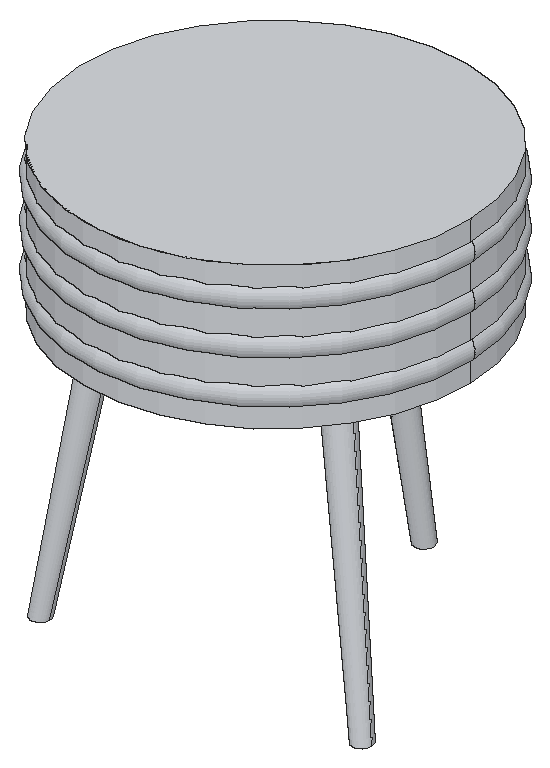
Revit family "PUFE_ANGELICA", category Furniture, Revit 2018
Family settings
  OmniClass Number = 23.40.20.00
  OmniClass Title = General Furniture and Specialties
  Work Plane-Based = No
  Always vertical = Yes
  Cut with Voids When Loaded = No
  Shared = No
  Room Calculation Point = No
Parameters
  PÉS [instance] = none
  DETALHE [instance] = yes
  ASSENTO [instance] = none
Reference planes (cm)
  plane 1 "Centro (Frente/Trás)": y = 0
  plane 2: z = 0
  plane 3 "Centro (Esquerda/Direita)": x = 0
Forms (cm)
  Extrusion 1, solid, material <- "ASSENTO"
    sketch origin (0, 0, 0) x (1, 0, 0) y (0, 1, 0)
      loop
        circle (0, 0) r 20
    from 30 to 45
  Blend 2, solid, material <- "PÉS"
    base sketch origin (0, 0, 0) x (1, 0, 0) y (0, 1, 0)
      loop
        circle (-16.4545, -9.5) r 1
    top sketch origin (0, 0, 0) x (1, 0, 0) y (0, 1, 0)
      loop
        circle (-11.6913, -6.75) r 1.5
    from 0 to 30
  Blend 3, solid, material <- "PÉS"
    base sketch origin (0, 0, 0) x (-1, 0, 0) y (0, -1, 0)
      loop
        circle (-16.4545, 9.5) r 1
    top sketch origin (0, 0, 0) x (-1, 0, 0) y (0, -1, 0)
      loop
        circle (-11.6913, 6.75) r 1.5
    from 0 to 30
  Blend 4, solid, material <- "PÉS"
    base sketch origin (0, 0, 0) x (-0.5, -0.866025, 0) y (0.866025, -0.5, 0)
      loop
        circle (-16.4545, -9.5) r 1
    top sketch origin (0, 0, 0) x (-0.5, -0.866025, 0) y (0.866025, -0.5, 0)
      loop
        circle (-11.6913, -6.75) r 1.5
    from 0 to 30
  Sweep 5, solid, material <- "ASSENTO", visible <- "DETALHE"
    path origin (0, 0, 0) x (1, 0, 0) y (0, 1, 0)
      loop
        circle (0, 0) r 20
    profile origin (0, 20, 0) x (0, -1, 0) y (0, 0, 1)
      loop
        arc (0, 38.5) -> (-0.428, 37.5) -> (0, 36.5) r 1.3823
        line (0, 36.5) -> (0, 38.5)
      loop
        arc (0, 43) -> (-0.428, 42) -> (0, 41) r 1.3823
        line (0, 41) -> (0, 43)
      loop
        arc (0, 34) -> (-0.428, 33) -> (0, 32) r 1.3823
        line (0, 32) -> (0, 34)
Dimensions and locks (cm)
  aligned and locked: level to plane 2
